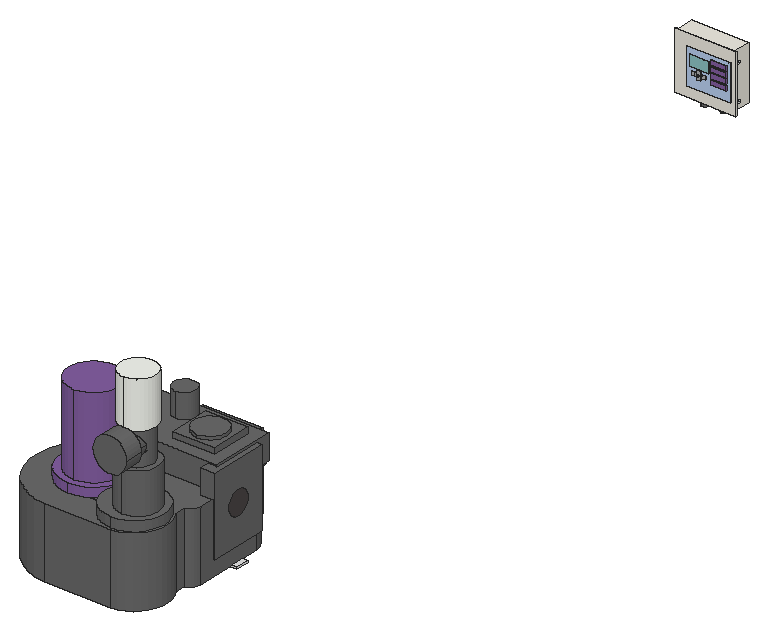
Revit family "28648-c", category Generic Models, Revit 2021
Family settings
  Can host rebar = No
  Round Connector Dimension = Use Diameter
  Part Type = Normal
  Work Plane-Based = No
  Always vertical = Yes
  Cut with Voids When Loaded = No
  Shared = Yes
  Room Calculation Point = No
Parameters (values of type "28648-C")
  SUPPLIER = "KESSEL"
  SA700ID50 = "intern"
  SA700ID49 = "Protection Class I"
  SA700ID48 = "no"
  SA700ID47 = "no"
  SA700ID46 = "yes"
  SA700ID37 = 7000 mm
  SA700ID34 = 38
  SA700ID33 = 1.6 W
  SA700ID32 = 47.46 kg
  SA700ID31 = 1
  SA700ID30 = 1
  SA700ID29 = "RWDR"
  SA700ID21 = 700
  SA700ID10 = "No"
  SA700ID08 = 230 V
  PROCUREWEBLINK = "https://p.caden.as/kessel/28648-C"
  PROCURELINK = "p.caden.as/kessel/28648-C"
  PROCUREDATALASTUPDATE = "2024-05-22T12:18:24.966052793+01:00"
  PRC_SPECIFICATIONLINK = "https://ausschreiben.de/catalog/kessel/catalogItem/4b152595-0e1a-4542-8f7b-6f5b526840ba"
  NN = "Lifting station Aqualift F"
  NBSYN = "$SA810ID03."
  NB = "28648-C"
  Model = "28648-C"
  Manufacturer = "KESSEL"
  MIdent = "{$CADENAS_DATA/23d-libs/kessel/kessel_vdi_import/4/entwaesserung/hebeanlage20aqualift20f.prj},202 {STYP=ASS},{VTYP=3D},{NB=28648-C},{LINA=28648-C},{NN=Lifting station Aqualift F},{DATE=21.11.2022 10:45:45},{GEOMDATE=21.11.2022 10:45:45},{VERSION=},{LINEID=300},{WBVAR=LODLEVEL},{WBNUMERIC=LODLEVEL}  {NB=28648-C},{LINA=28648-C},{KT=DUMMY},{PREVIEW=../../bilder/ksb_w_28648c.png},{SA700ID04=Hebeanlage Aqualift F, Mono, Comfort, SPF 1400-S3, Schieber},{SA810ID06=04026092058480},{SA700ID34=38.00},{SA010ID03=201805},{SA810ID03=28648-C},{SA810ID10=Die Hebeanlage für fäkalienhaltiges und fäkalienfreies Abwasser ist mit einer überflutbaren Pumpe sowie einem Rückflussverhinderer ausgestattet. Der Sammelbehälter aus dauerhaft beständigem Kunststoff (PE) bietet universale Anschlussmöglichkeiten und hat eine verschraubte Reinigungsöffnung.Die Steuerung erfolgt durch ein anwenderfreundliches Schaltgerät, das optional über einen potentialfreien Kontakt in die Gebäudeleittechnik eingebunden werden oder Alarm- und Sammelstörmeldungen über eine GSM-Schnittstelle (Comfort Schaltgerät) ausgeben kann.Ausführung:Absperreinrichtung: Schieber aus KunststoffAnlagenart: EinzelanlagePumpensteuerung: SchaltgerätRückflussverhinderer: integriertSchalldämmmatte: jaEinbausituation: freie AufstellungAbwasserart: fäkalienhaltigAllgemeine Merkmale:Farbe: schwarzNorm: EN 12050-1Abmessungen:Länge: 564 mmBreite: 525 mmHöhe: 664 mmBehälter/Grundkörper:Zulauf Anzahl: 1 STZulauf Nennweite (DN): 100 mmZulauf Nennweite (DA): 110 mmZulauf max. Anbohrung (DN): 150 mmAbstand Rohrsohle Zulauf zu Behälterboden: 125 mmAbstand Rohrmitte Auslauf zu Behälterboden: 466 mmAbstand Rohrmitte Zulauf zu Behälterboden: 180 mmAnschluss für Handmembranpumpe (DN): 32Behältervolumen: 50 lDruckabgang: waagerechtDruckabgang (DA): 110 mmDruckabgang (DN): 100 mmEntlüftungsanschluss (DN): 70 mmNutzvolumen: 20 lFreier Kugeldurchgang: 40 mmFördereinrichtung:Pumpe: SPF 1400Anzahl Pumpen: 1Förderhöhe max.: 7 mFörderleistung max.: 38 m3/hBetriebsart: S3 - 50 %Leistung P1: 1,6 kWLeistung P2: 1,1 kWDrehzahl: 1.370 U/minFörderguttemperatur (dauerhaft) max.: 40 °CAnschlusstyp: codierter SteckerGewicht: 25 kgLaufrad Typ: FreistromradLänge Netzanschlussleitung Pumpe: 5 mNennstrom: 7,3 ASchutzart Pumpe: IP 68 (3m/48h)Schutzklasse: ITyp Anschlussleitung Pumpe: H07RN-F 3G 1,0 mm2Temperaturüberwachung: integriertSteuerung:Schaltgerät: ComfortBetriebsspannung: 230 VNetzfrequenz: 50 HzSelbstdiagnosesystem (SDS): jaBatteriepufferung: jaMehrzeilige Displayanzeige: jaLogbuchfunktion: jaUSB-Schnittstelle: jaGSM-Schnittstelle: jaPotentialfreier Kontakt: optionalErforderliche Absicherung (Leitungsschutz): C 16 ASchutzart Schaltgerät: IP 54Länge Netzanschlussleitung Schaltgerät: 1,4 mArt Niveauerfassung: pneumatischInstrument Niveauerfassung: TauchrohrAlarmgeber: Tauchrohr},{SA700ID37=7.00},{SA700ID33=1.60},{SA700ID08=230},{SA700ID30=1},{SA700ID32=47.46},{SA700ID49=Schutzklasse I},{SA700ID50=intern},{SA200ID03=6},{SA250ID03=vertikal},{SA260ID03=Trockenläuferpumpe},{SA350ID03=normalansaugend},{SA400ID03=E-Motor für Wechselstrom},{SA460ID03=direkt},{SA500ID03=Kunststoff, Edelstahl},{SA700ID06=100},{SA700ID07=100},{SA700ID09=1/N/PE 230V},{SA700ID10=Nein},{SA700ID11=50},{SA700ID12=IP 68},{SA700ID13=F},{SA700ID15=40},{SA700ID21=700.00},{SA700ID22=1.10},{SA700ID23=1370},{SA700ID24=1370},{SA700ID26=7.30},{SA700ID27=23.00},{SA700ID28=durchgehend},{SA700ID29=RWDR},{SA700ID31=1},{SA700ID46=ja},{SA700ID47=nein},{SA700ID48=nein},{SA110ID04=Hebeanlage Aqualift F},{SA300ID03=einstufig},{SA700ID44=10.00},{SA700ID45=10.00},{SA010ID04=KESSEL AG},{LODLEVEL=200},{LINK=https://www.kessel.de/info?han=28648-C},{SA970ID01=970},{SA970ID02=7005},{SA970ID03=28648-C},{SA970ID04=11002617},{SA970ID05=QUAD},{SA970ID06=-285.5100098},{SA970ID07=-502},{SA970ID08=0},{SA970ID09=1},{SA970ID10=0},{SA970ID11=0},{SA970ID12=0},{SA970ID13=1},{SA970ID14=0},{SA970ID15=560},{SA970ID16=647},{SA970ID17=675},{LODLEVEL_=200,'Low'},{LODLEVEL_DEU=200,'Low'},{LINK_=https://www.kessel.de/info?han=28648-C},{LINK_DEU=https://www.kessel.de/info?han=28648-C},{LODLEVEL_3DB=28648-C_200},{DNIN1=100},{DNIN2=70},{DNIN3=10},{DNIN4=50},{DNIN5=MIN},{DNIN6=MIN},{DNIN7=MIN},{DNIN8=MIN},{DNIN9=MIN},{DNOUT1=100},{DNOUT2=70},{DNOUT3=32},{ISDIN1=75},{ISDIN2=10.000},{ISDIN3=10},{ISDOUT1=60.000},{ISDOUT2=79.500},{ISDOUT3=75},{SA010ID01=010},{SA010ID02=4},{SA010ID06=www.kessel.de},{SA010ID07=www.kessel.de},{SA010ID12=20180713},{SA010ID13=DEU},{SA010ID14=DE},{SA100ID01=100},{SA100ID02=4},{SA100ID04=Entwässerung},{SA110ID01=110},{SA110ID02=4},{SA200ID01=200},{SA200ID02=6},{SA250ID01=250},{SA250ID02=2},{SA260ID01=260},{SA260ID02=2},{SA300ID01=300},{SA300ID02=1},{SA350ID01=350},{SA350ID02=1},{SA400ID01=400},{SA400ID02=1},{SA460ID01=460},{SA460ID02=1},{SA500ID01=500},{SA500ID02=1},{SA700ID01=700},{SA700ID02=30},{SA700ID10_=0},{SA700ID16=0},{SA700ID25=0},{SA700ID46_=1},{SA700ID47_=0},{SA700ID48_=0},{SA700ID49_=1},{SA700ID50_=2},{SA800ID01=800},{SA800ID02=30},{SA810ID01=810},{SA810ID02=30},{SA810ID04=28648-C},{SA810ID07=30},{SA810ID09=1},{SA810ID14=PCE},{SA810ID15=1},{SA810ID16=NMP},{SA960ID03=30},{SA960ID04=3L},{SA960ID08=https://www.kessel.de/info?han=28648-C},{SA010ID08=4026092000007},{SA100ID05=Hebeanlage},{SA110ID06=Hebeanlage}"
  LINK = "https://www.kessel.de/info?han=28648-C"
  LINA = "28648-C"
  Default Elevation = 0 mm
  CREATOR = "CADENAS GmbH"
  CATALOG = "KESSEL"
  BOMINFO = "LINA"
  ARTICLENO = "NB"
  4.810.00.9 Order quantity (multiplicator) = "1"
  4.810.00.7 Media- connection number = "30"
  4.810.00.6 GTIN number = "04026092058480"
  4.810.00.4 DATANORM number = "28648-C"
  4.810.00.3 Producer order number = "28648-C"
  4.710.03.7 Mass (net) = 47.46 kg
  4.710.03.6 Height = 664 mm
  4.710.03.5 Width = 525 mm
  4.710.03.4 Length = 564 mm
  4.710.03.3 Type of dimensions = "2"
  4.710.02.8 Area of application of wastewater pump = "1"
  4.710.02.7 Art des S2/S3-Betriebs = "50 %"
  4.710.02.6 Duty type = "S3"
  4.710.02.5 Cutting device = "0"
  4.710.02.4 Attached pump control = "1"
  4.710.02.3 Free passage = 40 mm
  4.710.01.6 Option to connect to building automation = "40"
  4.710.01.5 Load regulation = "0"
  4.710.01.4 Designation of closed-loop control = "20"
  4.710.01.3 Identifier for closed-loop control = "50"
  4.700.00.9 Voltage = 0
  4.700.00.8 Nominal connection size on suction side = "100"
  4.700.00.7 Nominal connection size on pressure side = "100"
  4.700.00.6 Type of connection = "100"
  4.700.00.4 Product indentification = "Hebeanlage Aqualift F, Mono, Comfort, SPF 1400-S3, Schieber"
  4.700.00.28 Motor pump shaft = "durchgehend"
  4.700.00.27 Starting current = 23
  4.700.00.26 Maximum power consumption per pump / drive = 7.3
  4.700.00.25 Minimum speed at internal speed adjustment = 0
  4.700.00.24 Nominal speed / maximum speed n = 22.8333
  4.700.00.23 Nominal speed of motor = 22.8333
  4.700.00.22 Maximum shaft output (P2) per pump/drive = 1.1 W
  4.700.00.16 Maximum temperature of pumped medium = 0 °C
  4.700.00.15 Increased safety class = "40 °C"
  4.700.00.13 Type of protection = "F"
  4.700.00.12 Frequency = 0
  4.700.00.11 Stern-/Dreieck-Anlaufschaltung bei Dreiphasenanschluss oder Drehstrom = "50 Hz"
  4.700.00.10 Phase = "0"
  4.500.00.3 Variant / Variant type / Accessories-name = "Kunststoff, Edelstahl"
  4.460.00.3 Variant / Variant type / Accessories-name = "direkt"
  4.400.00.3 Variant / Variant type / Accessories-name = "E-Motor für Wechselstrom"
  4.350.00.3 Variant / Variant type / Accessories-name = "normalansaugend"
  4.300.00.3 Variant / Variant type / Accessories-name = "einstufig"
  4.260.00.3 Variant / Variant type / Accessories-name = "Trockenläuferpumpe"
  4.250.00.3 Variant / Variant type / Accessories-name = "vertikal"
  4.200.00.3 Variant / Variant type / Accessories-name = "6"
  4.110.00.6 Product classification = "Hebeanlage"
  4.110.00.4 Product indentification = "Hebeanlage Aqualift F"
  4.100.00.5 Main groups of wares = "Hebeanlage"
  4.100.00.4 Product indentification = "Entwässerung"
  4.010.00.8 Producer ID number = "4026092000007"
  4.010.00.7 Comment = "www.kessel.de"
  4.010.00.6 Web address of the manufacturer = "www.kessel.de"
  4.010.00.4 Manufacturer name = "KESSEL AG"
  4.010.00.3 Date of issuance (month) of guideline = "201805"
  4.010.00.2 Sheet number of the guideline = "4"
  4.010.00.14 Kennungen der Projektländer, für die die Datei gültig ist = "DE"
  4.010.00.13 Sprache der Datei = "DEU"
  4.010.00.12 Stand des Herstellerkatalogs = "20180713"
Reference planes
  plane 1 "Center (Front/Back)": y = 0
  plane 2: z = 0
  plane 3 "Center (Left/Right)": x = 0
Forms (mm)
  Extrusion 1, void
    sketch origin (259.8, -99.998, 186) x (0, -1, 0) y (0, 0, 1)
      loop
        line (-0.5, -0.5) -> (0.5, -0.5) -> (0.5, 0.5) -> (-0.5, 0.5) -> (-0.5, -0.5)
    from 0 to 1
Dimensions and locks
  locked: plane 2 to Extrusion 1 at 186.5
  locked: plane 2 to Extrusion 1 at 185.5
  aligned and locked: level to plane 2
Nested families
  nested 1: "28648-c_content" at (0, 0, 0), type "28648-C_Content"
  nested 2: "28648-c_part1_X0Y0" at (1000, 1000, 1200), type "28648-C_PART1_X0Y0"
  nested 3: "28648-c_part2_X0Y0" at (0, 0, 0), type "28648-C_PART2_X0Y0"
Connectors
  electrical at (936.5, 972.5, 1166.5)
    settings: on nested 2, index 1, voltage 0 V, apparent load 0 VA, apparent load phase1 0 VA, apparent load phase2 0 VA, apparent load phase3 0 VA, power factor 1, load classification "Other", number of poles 1, system type 31, power factor state 1, is connector primary yes, connector utility no, sub classification motor no, connector description ""
  piping at (105.4, 145, 181), diameter 100
    settings: on nested 3, index 2, connector inside diameter 609.6 mm, connector length 0 mm, flow factor 0, pipe flow 0.0 L/s, pressure drop 0.0 Pa, fitting loss kfactor 0, connector angle 0.00°, fixture units 0, engagement length 0 mm, angle of deflection 0.00°, flow configuration 0, flow direction 1, fitting loss method 2, system type 29, joint type 0, gender type 0, connector reference index -1, connector utility 0, adjustable connector no, is connector primary yes, connector description ""
  piping at (259.8, -99.998, 186), diameter 70
    settings: on Extrusion 1, index 3, connector inside diameter 609.6 mm, connector length 0 mm, flow factor 0, pipe flow 0.0 L/s, pressure drop 0.0 Pa, fitting loss kfactor 0, connector angle 0.00°, fixture units 0, engagement length 0 mm, angle of deflection 0.00°, flow configuration 0, flow direction 0, fitting loss method 2, system type 29, joint type 0, gender type 0, connector reference index -1, connector utility 0, adjustable connector no, is connector primary no, connector description ""
  piping at (150.4, -502, 467), diameter 100
    settings: on nested 3, index 4, connector inside diameter 609.6 mm, connector length 0 mm, flow factor 0, pipe flow 0.0 L/s, pressure drop 0.0 Pa, fitting loss kfactor 0, connector angle 0.00°, fixture units 0, engagement length 0 mm, angle of deflection 0.00°, flow configuration 0, flow direction 2, fitting loss method 2, system type 29, joint type 0, gender type 0, connector reference index -1, connector utility 0, adjustable connector no, is connector primary no, connector description ""
  piping at (0, 0, 401), diameter 70
    settings: on nested 3, index 5, connector inside diameter 609.6 mm, connector length 0 mm, flow factor 0, pipe flow 0.0 L/s, pressure drop 0.0 Pa, fitting loss kfactor 0, connector angle 0.00°, fixture units 0, engagement length 0 mm, angle of deflection 0.00°, flow configuration 0, flow direction 2, fitting loss method 2, system type 29, joint type 0, gender type 0, connector reference index -1, connector utility 0, adjustable connector no, is connector primary no, connector description ""
  piping at (105.4, 145, 81), diameter 32
    settings: on nested 3, index 6, connector inside diameter 609.6 mm, connector length 0 mm, flow factor 0, pipe flow 0.0 L/s, pressure drop 0.0 Pa, fitting loss kfactor 0, connector angle 0.00°, fixture units 0, engagement length 0 mm, angle of deflection 0.00°, flow configuration 0, flow direction 2, fitting loss method 2, system type 29, joint type 0, gender type 0, connector reference index -1, connector utility 0, adjustable connector no, is connector primary no, connector description ""
  electrical at (-65, -299.8, 537)
    settings: on nested 3, index 7, voltage 0 V, apparent load 0 VA, apparent load phase1 0 VA, apparent load phase2 0 VA, apparent load phase3 0 VA, power factor 1, load classification "Other", number of poles 1, system type 31, power factor state 1, is connector primary no, connector utility no, sub classification motor no, connector description ""
  electrical at (-165.999, -46, 376.6)
    settings: on nested 3, index 8, voltage 0 V, apparent load 0 VA, apparent load phase1 0 VA, apparent load phase2 0 VA, apparent load phase3 0 VA, power factor 1, load classification "Other", number of poles 1, system type 31, power factor state 1, is connector primary no, connector utility no, sub classification motor no, connector description ""
Definition of nested family "28648-c_part1_X0Y0"
  Parameters (values of type "28648-C_PART1_X0Y0")
    SUPPLIER = "KESSEL"
    SA700ID50 = "intern"
    SA700ID49 = "Protection Class I"
    SA700ID48 = "no"
    SA700ID47 = "no"
    SA700ID46 = "yes"
    SA700ID37 = 7000 mm
    SA700ID34 = 38
    SA700ID33 = 1.6 W
    SA700ID32 = 47.46 kg
    SA700ID31 = 1
    SA700ID30 = 1
    SA700ID29 = "RWDR"
    SA700ID21 = 700
    SA700ID10 = "No"
    SA700ID08 = 230 V
    NBSYN = "$SA810ID03._PART1"
    NB = "28648-C_PART1"
    Model = "28648-C_PART1"
    Manufacturer = "KESSEL"
    MIdent = "{$CADENAS_DATA/23d-libs/kessel/kessel_vdi_import/4/entwaesserung/hebeanlage20aqualift20f.prj},222 {VTYP=3D},{NB=28648-C_PART1},{LINA=28648-C_PART1},{NN=Lifting station Aqualift F_PART1},{NOPRJ=TRUE},{DATE=21.11.2022 10:45:45},{GEOMDATE=21.11.2022 10:45:45},{VERSION=},{LINEID=300},{WBVAR=LODLEVEL},{WBNUMERIC=LODLEVEL}  {NB=28648-C_PART1},{LINA=28648-C_PART1},{KT=DUMMY},{PREVIEW=../../bilder/ksb_w_28648c.png},{SA700ID04=Hebeanlage Aqualift F, Mono, Comfort, SPF 1400-S3, Schieber},{SA810ID06=04026092058480},{SA700ID34=38.00},{SA010ID03=201805},{SA810ID03=28648-C},{SA810ID10=Die Hebeanlage für fäkalienhaltiges und fäkalienfreies Abwasser ist mit einer überflutbaren Pumpe sowie einem Rückflussverhinderer ausgestattet. Der Sammelbehälter aus dauerhaft beständigem Kunststoff (PE) bietet universale Anschlussmöglichkeiten und hat eine verschraubte Reinigungsöffnung.Die Steuerung erfolgt durch ein anwenderfreundliches Schaltgerät, das optional über einen potentialfreien Kontakt in die Gebäudeleittechnik eingebunden werden oder Alarm- und Sammelstörmeldungen über eine GSM-Schnittstelle (Comfort Schaltgerät) ausgeben kann.Ausführung:Absperreinrichtung: Schieber aus KunststoffAnlagenart: EinzelanlagePumpensteuerung: SchaltgerätRückflussverhinderer: integriertSchalldämmmatte: jaEinbausituation: freie AufstellungAbwasserart: fäkalienhaltigAllgemeine Merkmale:Farbe: schwarzNorm: EN 12050-1Abmessungen:Länge: 564 mmBreite: 525 mmHöhe: 664 mmBehälter/Grundkörper:Zulauf Anzahl: 1 STZulauf Nennweite (DN): 100 mmZulauf Nennweite (DA): 110 mmZulauf max. Anbohrung (DN): 150 mmAbstand Rohrsohle Zulauf zu Behälterboden: 125 mmAbstand Rohrmitte Auslauf zu Behälterboden: 466 mmAbstand Rohrmitte Zulauf zu Behälterboden: 180 mmAnschluss für Handmembranpumpe (DN): 32Behältervolumen: 50 lDruckabgang: waagerechtDruckabgang (DA): 110 mmDruckabgang (DN): 100 mmEntlüftungsanschluss (DN): 70 mmNutzvolumen: 20 lFreier Kugeldurchgang: 40 mmFördereinrichtung:Pumpe: SPF 1400Anzahl Pumpen: 1Förderhöhe max.: 7 mFörderleistung max.: 38 m3/hBetriebsart: S3 - 50 %Leistung P1: 1,6 kWLeistung P2: 1,1 kWDrehzahl: 1.370 U/minFörderguttemperatur (dauerhaft) max.: 40 °CAnschlusstyp: codierter SteckerGewicht: 25 kgLaufrad Typ: FreistromradLänge Netzanschlussleitung Pumpe: 5 mNennstrom: 7,3 ASchutzart Pumpe: IP 68 (3m/48h)Schutzklasse: ITyp Anschlussleitung Pumpe: H07RN-F 3G 1,0 mm2Temperaturüberwachung: integriertSteuerung:Schaltgerät: ComfortBetriebsspannung: 230 VNetzfrequenz: 50 HzSelbstdiagnosesystem (SDS): jaBatteriepufferung: jaMehrzeilige Displayanzeige: jaLogbuchfunktion: jaUSB-Schnittstelle: jaGSM-Schnittstelle: jaPotentialfreier Kontakt: optionalErforderliche Absicherung (Leitungsschutz): C 16 ASchutzart Schaltgerät: IP 54Länge Netzanschlussleitung Schaltgerät: 1,4 mArt Niveauerfassung: pneumatischInstrument Niveauerfassung: TauchrohrAlarmgeber: Tauchrohr},{SA700ID37=7.00},{SA700ID33=1.60},{SA700ID08=230},{SA700ID30=1},{SA700ID32=47.46},{SA700ID49=Schutzklasse I},{SA700ID50=intern},{SA200ID03=6},{SA250ID03=vertikal},{SA260ID03=Trockenläuferpumpe},{SA350ID03=normalansaugend},{SA400ID03=E-Motor für Wechselstrom},{SA460ID03=direkt},{SA500ID03=Kunststoff, Edelstahl},{SA700ID06=100},{SA700ID07=100},{SA700ID09=1/N/PE 230V},{SA700ID10=Nein},{SA700ID11=50},{SA700ID12=IP 68},{SA700ID13=F},{SA700ID15=40},{SA700ID21=700.00},{SA700ID22=1.10},{SA700ID23=1370},{SA700ID24=1370},{SA700ID26=7.30},{SA700ID27=23.00},{SA700ID28=durchgehend},{SA700ID29=RWDR},{SA700ID31=1},{SA700ID46=ja},{SA700ID47=nein},{SA700ID48=nein},{SA110ID04=Hebeanlage Aqualift F},{SA300ID03=einstufig},{SA700ID44=10.00},{SA700ID45=10.00},{SA010ID04=KESSEL AG},{LODLEVEL=200},{LINK=https://www.kessel.de/info?han=28648-C},{SA970ID01=970},{SA970ID02=7005},{SA970ID03=28648-C},{SA970ID04=11002617},{SA970ID05=QUAD},{SA970ID06=-285.5100098},{SA970ID07=-502},{SA970ID08=0},{SA970ID09=1},{SA970ID10=0},{SA970ID11=0},{SA970ID12=0},{SA970ID13=1},{SA970ID14=0},{SA970ID15=560},{SA970ID16=647},{SA970ID17=675},{LODLEVEL_=200,'Low'},{LODLEVEL_DEU=200,'Low'},{LINK_=https://www.kessel.de/info?han=28648-C},{LINK_DEU=https://www.kessel.de/info?han=28648-C},{LODLEVEL_3DB=28648-C_200},{DNIN1=100},{DNIN2=70},{DNIN3=10},{DNIN4=50},{DNIN5=MIN},{DNIN6=MIN},{DNIN7=MIN},{DNIN8=MIN},{DNIN9=MIN},{DNOUT1=100},{DNOUT2=70},{DNOUT3=32},{ISDIN1=75},{ISDIN2=10.000},{ISDIN3=10},{ISDOUT1=60.000},{ISDOUT2=79.500},{ISDOUT3=75},{SA010ID01=010},{SA010ID02=4},{SA010ID06=www.kessel.de},{SA010ID07=www.kessel.de},{SA010ID12=20180713},{SA010ID13=DEU},{SA010ID14=DE},{SA100ID01=100},{SA100ID02=4},{SA100ID04=Entwässerung},{SA110ID01=110},{SA110ID02=4},{SA200ID01=200},{SA200ID02=6},{SA250ID01=250},{SA250ID02=2},{SA260ID01=260},{SA260ID02=2},{SA300ID01=300},{SA300ID02=1},{SA350ID01=350},{SA350ID02=1},{SA400ID01=400},{SA400ID02=1},{SA460ID01=460},{SA460ID02=1},{SA500ID01=500},{SA500ID02=1},{SA700ID01=700},{SA700ID02=30},{SA700ID10_=0},{SA700ID16=0},{SA700ID25=0},{SA700ID46_=1},{SA700ID47_=0},{SA700ID48_=0},{SA700ID49_=1},{SA700ID50_=2},{SA800ID01=800},{SA800ID02=30},{SA810ID01=810},{SA810ID02=30},{SA810ID04=28648-C},{SA810ID07=30},{SA810ID09=1},{SA810ID14=PCE},{SA810ID15=1},{SA810ID16=NMP},{SA960ID03=30},{SA960ID04=3L},{SA960ID08=https://www.kessel.de/info?han=28648-C},{SA010ID08=4026092000007},{SA100ID05=Hebeanlage},{SA110ID06=Hebeanlage}"
    LINK = "https://www.kessel.de/info?han=28648-C"
    LINA = "28648-C_PART1"
    Default Elevation = 1219.2 mm
    CREATOR = "CADENAS GmbH"
    CATALOG = "KESSEL"
    BOMINFO = "LINA"
    ARTICLENO = "NB"
    4.810.00.9 Order quantity (multiplicator) = "1"
    4.810.00.7 Media- connection number = "30"
    4.810.00.6 GTIN number = "04026092058480"
    4.810.00.4 DATANORM number = "28648-C"
    4.810.00.3 Producer order number = "28648-C"
    4.710.03.7 Mass (net) = 47.46 kg
    4.710.03.6 Height = 664 mm
    4.710.03.5 Width = 525 mm
    4.710.03.4 Length = 564 mm
    4.710.03.3 Type of dimensions = "2"
    4.710.02.8 Area of application of wastewater pump = "1"
    4.710.02.7 Art des S2/S3-Betriebs = "50 %"
    4.710.02.6 Duty type = "S3"
    4.710.02.5 Cutting device = "0"
    4.710.02.4 Attached pump control = "1"
    4.710.02.3 Free passage = 40 mm
    4.710.01.6 Option to connect to building automation = "40"
    4.710.01.5 Load regulation = "0"
    4.710.01.4 Designation of closed-loop control = "20"
    4.710.01.3 Identifier for closed-loop control = "50"
    4.700.00.9 Voltage = 0
    4.700.00.8 Nominal connection size on suction side = "100"
    4.700.00.7 Nominal connection size on pressure side = "100"
    4.700.00.6 Type of connection = "100"
    4.700.00.4 Product indentification = "Hebeanlage Aqualift F, Mono, Comfort, SPF 1400-S3, Schieber"
    4.700.00.28 Motor pump shaft = "durchgehend"
    4.700.00.27 Starting current = 23
    4.700.00.26 Maximum power consumption per pump / drive = 7.3
    4.700.00.25 Minimum speed at internal speed adjustment = 0
    4.700.00.24 Nominal speed / maximum speed n = 22.8333
    4.700.00.23 Nominal speed of motor = 22.8333
    4.700.00.22 Maximum shaft output (P2) per pump/drive = 1.1 W
    4.700.00.16 Maximum temperature of pumped medium = 0 °C
    4.700.00.15 Increased safety class = "40 °C"
    4.700.00.13 Type of protection = "F"
    4.700.00.12 Frequency = 0
    4.700.00.11 Stern-/Dreieck-Anlaufschaltung bei Dreiphasenanschluss oder Drehstrom = "50 Hz"
    4.700.00.10 Phase = "0"
    4.500.00.3 Variant / Variant type / Accessories-name = "Kunststoff, Edelstahl"
    4.460.00.3 Variant / Variant type / Accessories-name = "direkt"
    4.400.00.3 Variant / Variant type / Accessories-name = "E-Motor für Wechselstrom"
    4.350.00.3 Variant / Variant type / Accessories-name = "normalansaugend"
    4.300.00.3 Variant / Variant type / Accessories-name = "einstufig"
    4.260.00.3 Variant / Variant type / Accessories-name = "Trockenläuferpumpe"
    4.250.00.3 Variant / Variant type / Accessories-name = "vertikal"
    4.200.00.3 Variant / Variant type / Accessories-name = "6"
    4.110.00.6 Product classification = "Hebeanlage"
    4.110.00.4 Product indentification = "Hebeanlage Aqualift F"
    4.100.00.5 Main groups of wares = "Hebeanlage"
    4.100.00.4 Product indentification = "Entwässerung"
    4.010.00.8 Producer ID number = "4026092000007"
    4.010.00.7 Comment = "www.kessel.de"
    4.010.00.6 Web address of the manufacturer = "www.kessel.de"
    4.010.00.4 Manufacturer name = "KESSEL AG"
    4.010.00.3 Date of issuance (month) of guideline = "201805"
    4.010.00.2 Sheet number of the guideline = "4"
    4.010.00.14 Kennungen der Projektländer, für die die Datei gültig ist = "DE"
    4.010.00.13 Sprache der Datei = "DEU"
    4.010.00.12 Stand des Herstellerkatalogs = "20180713"
  Reference planes
    plane 1 "Center (Front/Back)": y = 0
    plane 2: z = 0
    plane 3 "Center (Left/Right)": x = 0
  Dimensions and locks
    aligned and locked: level to plane 2
  Nested families
    nested 1: "28648-c_part1_content" at (0, 0, 0), type "28648-C_PART1_Content"
  Definition of nested family "28648-c_part1_content"
    Parameters (values of type "28648-C_PART1_Content")
      SUPPLIER = "KESSEL"
      SA700ID50 = "intern"
      SA700ID49 = "Protection Class I"
      SA700ID48 = "no"
      SA700ID47 = "no"
      SA700ID46 = "yes"
      SA700ID37 = 7000 mm
      SA700ID34 = 38
      SA700ID33 = 1.6 W
      SA700ID32 = 47.46 kg
      SA700ID31 = 1
      SA700ID30 = 1
      SA700ID29 = "RWDR"
      SA700ID21 = 700
      SA700ID10 = "No"
      SA700ID08 = 230 V
      NBSYN = "$SA810ID03._PART1"
      NB = "28648-C_PART1"
      Model = "28648-C_PART1"
      Manufacturer = "KESSEL"
      LINK = "https://www.kessel.de/info?han=28648-C"
      LINA = "28648-C_PART1"
      Default Elevation = 1219.2 mm
      CREATOR = "CADENAS GmbH"
      CATALOG = "KESSEL"
      BOMINFO = "LINA"
      ARTICLENO = "NB"
      4.810.00.9 Order quantity (multiplicator) = "1"
      4.810.00.7 Media- connection number = "30"
      4.810.00.6 GTIN number = "04026092058480"
      4.810.00.4 DATANORM number = "28648-C"
      4.810.00.3 Producer order number = "28648-C"
      4.710.03.7 Mass (net) = 47.46 kg
      4.710.03.6 Height = 664 mm
      4.710.03.5 Width = 525 mm
      4.710.03.4 Length = 564 mm
      4.710.03.3 Type of dimensions = "2"
      4.710.02.8 Area of application of wastewater pump = "1"
      4.710.02.7 Art des S2/S3-Betriebs = "50 %"
      4.710.02.6 Duty type = "S3"
      4.710.02.5 Cutting device = "0"
      4.710.02.4 Attached pump control = "1"
      4.710.02.3 Free passage = 40 mm
      4.710.01.6 Option to connect to building automation = "40"
      4.710.01.5 Load regulation = "0"
      4.710.01.4 Designation of closed-loop control = "20"
      4.710.01.3 Identifier for closed-loop control = "50"
      4.700.00.9 Voltage = 0
      4.700.00.8 Nominal connection size on suction side = "100"
      4.700.00.7 Nominal connection size on pressure side = "100"
      4.700.00.6 Type of connection = "100"
      4.700.00.4 Product indentification = "Hebeanlage Aqualift F, Mono, Comfort, SPF 1400-S3, Schieber"
      4.700.00.28 Motor pump shaft = "durchgehend"
      4.700.00.27 Starting current = 23
      4.700.00.26 Maximum power consumption per pump / drive = 7.3
      4.700.00.25 Minimum speed at internal speed adjustment = 0
      4.700.00.24 Nominal speed / maximum speed n = 22.8333
      4.700.00.23 Nominal speed of motor = 22.8333
      4.700.00.22 Maximum shaft output (P2) per pump/drive = 1.1 W
      4.700.00.16 Maximum temperature of pumped medium = 0 °C
      4.700.00.15 Increased safety class = "40 °C"
      4.700.00.13 Type of protection = "F"
      4.700.00.12 Frequency = 0
      4.700.00.11 Stern-/Dreieck-Anlaufschaltung bei Dreiphasenanschluss oder Drehstrom = "50 Hz"
      4.700.00.10 Phase = "0"
      4.500.00.3 Variant / Variant type / Accessories-name = "Kunststoff, Edelstahl"
      4.460.00.3 Variant / Variant type / Accessories-name = "direkt"
      4.400.00.3 Variant / Variant type / Accessories-name = "E-Motor für Wechselstrom"
      4.350.00.3 Variant / Variant type / Accessories-name = "normalansaugend"
      4.300.00.3 Variant / Variant type / Accessories-name = "einstufig"
      4.260.00.3 Variant / Variant type / Accessories-name = "Trockenläuferpumpe"
      4.250.00.3 Variant / Variant type / Accessories-name = "vertikal"
      4.200.00.3 Variant / Variant type / Accessories-name = "6"
      4.110.00.6 Product classification = "Hebeanlage"
      4.110.00.4 Product indentification = "Hebeanlage Aqualift F"
      4.100.00.5 Main groups of wares = "Hebeanlage"
      4.100.00.4 Product indentification = "Entwässerung"
      4.010.00.8 Producer ID number = "4026092000007"
      4.010.00.7 Comment = "www.kessel.de"
      4.010.00.6 Web address of the manufacturer = "www.kessel.de"
      4.010.00.4 Manufacturer name = "KESSEL AG"
      4.010.00.3 Date of issuance (month) of guideline = "201805"
      4.010.00.2 Sheet number of the guideline = "4"
      4.010.00.14 Kennungen der Projektländer, für die die Datei gültig ist = "DE"
      4.010.00.13 Sprache der Datei = "DEU"
      4.010.00.12 Stand des Herstellerkatalogs = "20180713"
    Reference planes
      plane 1 "Center (Front/Back)": y = 0
      plane 2: z = 0
      plane 3 "Center (Left/Right)": x = 0
    Forms (mm)
      Extrusion 1, solid, detail levels medium+fine
        sketch origin (94.5, 0, 0) x (0, -1, 0) y (0, 0, 1)
          loop
            line (0, 181) -> (0, 0) -> (66, 0) -> (66, 181) -> (0, 181)
        from 0 to 189
      Extrusion 2, solid, detail levels medium+fine
        sketch origin (108.5, -66, -7) x (0, -1, 0) y (0, 0, 1)
          loop
            line (0, 194) -> (0, 0) -> (2, 0) -> (2, 194) -> (0, 194)
        from 0 to 208
      Extrusion 3, solid, detail levels medium+fine
        sketch origin (90, -68, 26.5) x (0, -1, 0) y (0, 0, 1)
          loop
            line (-1.2, 120) -> (-1.2, 0) -> (0.25, 0) -> (0.25, 120) -> (-1.2, 120)
        from 0 to 146
      Extrusion 4, solid, detail levels medium+fine
        sketch origin (5.5, -68.25, 66) x (0, -1, 0) y (0, 0, 1)
          loop
            line (-1, 12) -> (-1, 0) -> (0.5, 0) -> (0.5, 12) -> (-1, 12)
        from 0 to 12
      Extrusion 5, solid, detail levels medium+fine
        sketch origin (76.25, -68.25, 79) x (0, -1, 0) y (0, 0, 1)
          loop
            line (0, 16) -> (0, 0) -> (1.75, 0) -> (1.75, 16) -> (0, 16)
        from 0 to 51
      Extrusion 6, solid, detail levels medium+fine
        sketch origin (-11.75, -68.25, 74) x (0, -1, 0) y (0, 0, 1)
          loop
            line (-1, 12) -> (-1, 0) -> (0.5, 0) -> (0.5, 12) -> (-1, 12)
        from 0 to 12
      Extrusion 7, solid, detail levels medium+fine
        sketch origin (76.25, -68.25, 59) x (0, -1, 0) y (0, 0, 1)
          loop
            line (0, 16) -> (0, 0) -> (1.75, 0) -> (1.75, 16) -> (0, 16)
        from 0 to 51
      Extrusion 8, solid, detail levels medium+fine
        sketch origin (17.4, -68.25, 89.5) x (0, -1, 0) y (0, 0, 1)
          loop
            line (-1, 37) -> (-1, 0) -> (0.5, 0) -> (0.5, 37) -> (-1, 37)
        from 0 to 66
      Extrusion 9, solid, detail levels medium+fine
        sketch origin (76.25, -68.25, 99) x (0, -1, 0) y (0, 0, 1)
          loop
            line (0, 16) -> (0, 0) -> (1.75, 0) -> (1.75, 16) -> (0, 16)
        from 0 to 51
      Extrusion 10, solid, detail levels medium+fine
        sketch origin (-11.75, -68.25, 57.5) x (0, -1, 0) y (0, 0, 1)
          loop
            line (-1, 12) -> (-1, 0) -> (0.5, 0) -> (0.5, 12) -> (-1, 12)
        from 0 to 12
      Extrusion 11, solid, detail levels medium+fine
        sketch origin (76.25, -68.25, 119) x (0, -1, 0) y (0, 0, 1)
          loop
            line (0, 16) -> (0, 0) -> (1.75, 0) -> (1.75, 16) -> (0, 16)
        from 0 to 51
      Extrusion 12, solid, detail levels medium+fine
        sketch origin (-29, -68.25, 66) x (0, -1, 0) y (0, 0, 1)
          loop
            line (-1, 12) -> (-1, 0) -> (0.5, 0) -> (0.5, 12) -> (-1, 12)
        from 0 to 12
      Extrusion 13, solid, detail levels medium+fine
        sketch origin (5, -27.5, 0) x (1, 0, 0) y (0, -1, 0)
          loop
            circle (0, 0) r 11
        from 0 to 17.3
      Extrusion 14, solid, detail levels medium+fine
        sketch origin (5, -27.5, -17.2) x (1, 0, 0) y (0, -1, 0)
          loop
            circle (0, 0) r 8.65
        from 0 to 9.8
      Extrusion 15, solid, detail levels medium+fine
        sketch origin (-29, -27.5, 0) x (1, 0, 0) y (0, -1, 0)
          loop
            circle (0, 0) r 11.4
        from 0 to 9
      Extrusion 16, solid, detail levels medium+fine
        sketch origin (-29, -27.5, -9) x (1, 0, 0) y (0, -1, 0)
          loop
            circle (0, 0) r 11.75
        from 0 to 28
      Extrusion 17, solid, detail levels medium+fine
        sketch origin (33, -27.5, 0) x (1, 0, 0) y (0, -1, 0)
          loop
            circle (0, 0) r 11
        from 0 to 11
      Extrusion 18, solid, detail levels medium+fine
        sketch origin (33, -27.5, -11) x (1, 0, 0) y (0, -1, 0)
          loop
            circle (0, 0) r 11
        from 0 to 19.8
      Extrusion 19, solid, detail levels medium+fine
        sketch origin (33, -27.5, -30.7) x (1, 0, 0) y (0, -1, 0)
          loop
            circle (0, 0) r 6
        from 0 to 8
      Extrusion 20, solid, detail levels medium+fine
        sketch origin (57.5, -27.5, 0) x (1, 0, 0) y (0, -1, 0)
          loop
            circle (0, 0) r 10
        from 0 to 1.5
      Extrusion 21, solid, detail levels medium+fine
        sketch origin (106.5, -50, 145) x (0, -1, 0) y (0, 0, 1)
          loop
            line (0, 4) -> (0, 0) -> (16, 0) -> (16, 4) -> (0, 4)
        from 0 to 12
      Extrusion 22, solid, detail levels medium+fine
        sketch origin (106.5, -50, 149) x (0, -1, 0) y (0, 0, 1)
          loop
            line (0, 4) -> (0, 0) -> (12, 0) -> (12, 4) -> (0, 4)
        from 0 to 16
      Extrusion 23, solid, detail levels medium+fine
        sketch origin (106.5, -50, 26) x (0, -1, 0) y (0, 0, 1)
          loop
            line (0, 4) -> (0, 0) -> (16, 0) -> (16, 4) -> (0, 4)
        from 0 to 12
      Extrusion 24, solid, detail levels medium+fine
        sketch origin (106.5, -50, 30) x (0, -1, 0) y (0, 0, 1)
          loop
            line (0, 4) -> (0, 0) -> (12, 0) -> (12, 4) -> (0, 4)
        from 0 to 16
      Extrusion 25, solid, detail levels medium+fine
        sketch origin (-63.5, -27.5, 0) x (1, 0, 0) y (0, -1, 0)
          loop
            circle (0, 0) r 11
        from 0 to 23.5
      Extrusion 26, solid, detail levels medium+fine
        sketch origin (-63.5, -27.5, -23.5) x (1, 0, 0) y (0, -1, 0)
          loop
            circle (0, 0) r 3
        from 0 to 10
      Extrusion 27, solid, detail levels medium+fine
        sketch origin (79.5, -27.5, 0) x (1, 0, 0) y (0, -1, 0)
          loop
            circle (0, 0) r 10
        from 0 to 1.5
      Extrusion 28, solid, detail levels coarse
        sketch origin (4.5, -35, -38.7) x (1, 0, 0) y (0, 1, 0)
          loop
            line (-104, -35) -> (104, -35) -> (104, 35) -> (-104, 35) -> (-104, -35)
        from 0 to 225.7
    Dimensions and locks
      aligned and locked: level to plane 2
Definition of nested family "28648-c_part2_X0Y0"
  Parameters (values of type "28648-C_PART2_X0Y0")
    SUPPLIER = "KESSEL"
    SA700ID50 = "intern"
    SA700ID49 = "Protection Class I"
    SA700ID48 = "no"
    SA700ID47 = "no"
    SA700ID46 = "yes"
    SA700ID37 = 7000 mm
    SA700ID34 = 38
    SA700ID33 = 1.6 W
    SA700ID32 = 47.46 kg
    SA700ID31 = 1
    SA700ID30 = 1
    SA700ID29 = "RWDR"
    SA700ID21 = 700
    SA700ID10 = "No"
    SA700ID08 = 230 V
    NBSYN = "$SA810ID03._PART2"
    NB = "28648-C_PART2"
    Model = "28648-C_PART2"
    Manufacturer = "KESSEL"
    MIdent = "{$CADENAS_DATA/23d-libs/kessel/kessel_vdi_import/4/entwaesserung/hebeanlage20aqualift20f.prj},222 {VTYP=3D},{NB=28648-C_PART2},{LINA=28648-C_PART2},{NN=Lifting station Aqualift F_PART2},{NOPRJ=TRUE},{DATE=21.11.2022 10:45:45},{GEOMDATE=21.11.2022 10:45:45},{VERSION=},{LINEID=300},{WBVAR=LODLEVEL},{WBNUMERIC=LODLEVEL}  {NB=28648-C_PART2},{LINA=28648-C_PART2},{KT=DUMMY},{PREVIEW=../../bilder/ksb_w_28648c.png},{SA700ID04=Hebeanlage Aqualift F, Mono, Comfort, SPF 1400-S3, Schieber},{SA810ID06=04026092058480},{SA700ID34=38.00},{SA010ID03=201805},{SA810ID03=28648-C},{SA810ID10=Die Hebeanlage für fäkalienhaltiges und fäkalienfreies Abwasser ist mit einer überflutbaren Pumpe sowie einem Rückflussverhinderer ausgestattet. Der Sammelbehälter aus dauerhaft beständigem Kunststoff (PE) bietet universale Anschlussmöglichkeiten und hat eine verschraubte Reinigungsöffnung.Die Steuerung erfolgt durch ein anwenderfreundliches Schaltgerät, das optional über einen potentialfreien Kontakt in die Gebäudeleittechnik eingebunden werden oder Alarm- und Sammelstörmeldungen über eine GSM-Schnittstelle (Comfort Schaltgerät) ausgeben kann.Ausführung:Absperreinrichtung: Schieber aus KunststoffAnlagenart: EinzelanlagePumpensteuerung: SchaltgerätRückflussverhinderer: integriertSchalldämmmatte: jaEinbausituation: freie AufstellungAbwasserart: fäkalienhaltigAllgemeine Merkmale:Farbe: schwarzNorm: EN 12050-1Abmessungen:Länge: 564 mmBreite: 525 mmHöhe: 664 mmBehälter/Grundkörper:Zulauf Anzahl: 1 STZulauf Nennweite (DN): 100 mmZulauf Nennweite (DA): 110 mmZulauf max. Anbohrung (DN): 150 mmAbstand Rohrsohle Zulauf zu Behälterboden: 125 mmAbstand Rohrmitte Auslauf zu Behälterboden: 466 mmAbstand Rohrmitte Zulauf zu Behälterboden: 180 mmAnschluss für Handmembranpumpe (DN): 32Behältervolumen: 50 lDruckabgang: waagerechtDruckabgang (DA): 110 mmDruckabgang (DN): 100 mmEntlüftungsanschluss (DN): 70 mmNutzvolumen: 20 lFreier Kugeldurchgang: 40 mmFördereinrichtung:Pumpe: SPF 1400Anzahl Pumpen: 1Förderhöhe max.: 7 mFörderleistung max.: 38 m3/hBetriebsart: S3 - 50 %Leistung P1: 1,6 kWLeistung P2: 1,1 kWDrehzahl: 1.370 U/minFörderguttemperatur (dauerhaft) max.: 40 °CAnschlusstyp: codierter SteckerGewicht: 25 kgLaufrad Typ: FreistromradLänge Netzanschlussleitung Pumpe: 5 mNennstrom: 7,3 ASchutzart Pumpe: IP 68 (3m/48h)Schutzklasse: ITyp Anschlussleitung Pumpe: H07RN-F 3G 1,0 mm2Temperaturüberwachung: integriertSteuerung:Schaltgerät: ComfortBetriebsspannung: 230 VNetzfrequenz: 50 HzSelbstdiagnosesystem (SDS): jaBatteriepufferung: jaMehrzeilige Displayanzeige: jaLogbuchfunktion: jaUSB-Schnittstelle: jaGSM-Schnittstelle: jaPotentialfreier Kontakt: optionalErforderliche Absicherung (Leitungsschutz): C 16 ASchutzart Schaltgerät: IP 54Länge Netzanschlussleitung Schaltgerät: 1,4 mArt Niveauerfassung: pneumatischInstrument Niveauerfassung: TauchrohrAlarmgeber: Tauchrohr},{SA700ID37=7.00},{SA700ID33=1.60},{SA700ID08=230},{SA700ID30=1},{SA700ID32=47.46},{SA700ID49=Schutzklasse I},{SA700ID50=intern},{SA200ID03=6},{SA250ID03=vertikal},{SA260ID03=Trockenläuferpumpe},{SA350ID03=normalansaugend},{SA400ID03=E-Motor für Wechselstrom},{SA460ID03=direkt},{SA500ID03=Kunststoff, Edelstahl},{SA700ID06=100},{SA700ID07=100},{SA700ID09=1/N/PE 230V},{SA700ID10=Nein},{SA700ID11=50},{SA700ID12=IP 68},{SA700ID13=F},{SA700ID15=40},{SA700ID21=700.00},{SA700ID22=1.10},{SA700ID23=1370},{SA700ID24=1370},{SA700ID26=7.30},{SA700ID27=23.00},{SA700ID28=durchgehend},{SA700ID29=RWDR},{SA700ID31=1},{SA700ID46=ja},{SA700ID47=nein},{SA700ID48=nein},{SA110ID04=Hebeanlage Aqualift F},{SA300ID03=einstufig},{SA700ID44=10.00},{SA700ID45=10.00},{SA010ID04=KESSEL AG},{LODLEVEL=200},{LINK=https://www.kessel.de/info?han=28648-C},{SA970ID01=970},{SA970ID02=7005},{SA970ID03=28648-C},{SA970ID04=11002617},{SA970ID05=QUAD},{SA970ID06=-285.5100098},{SA970ID07=-502},{SA970ID08=0},{SA970ID09=1},{SA970ID10=0},{SA970ID11=0},{SA970ID12=0},{SA970ID13=1},{SA970ID14=0},{SA970ID15=560},{SA970ID16=647},{SA970ID17=675},{LODLEVEL_=200,'Low'},{LODLEVEL_DEU=200,'Low'},{LINK_=https://www.kessel.de/info?han=28648-C},{LINK_DEU=https://www.kessel.de/info?han=28648-C},{LODLEVEL_3DB=28648-C_200},{DNIN1=100},{DNIN2=70},{DNIN3=10},{DNIN4=50},{DNIN5=MIN},{DNIN6=MIN},{DNIN7=MIN},{DNIN8=MIN},{DNIN9=MIN},{DNOUT1=100},{DNOUT2=70},{DNOUT3=32},{ISDIN1=75},{ISDIN2=10.000},{ISDIN3=10},{ISDOUT1=60.000},{ISDOUT2=79.500},{ISDOUT3=75},{SA010ID01=010},{SA010ID02=4},{SA010ID06=www.kessel.de},{SA010ID07=www.kessel.de},{SA010ID12=20180713},{SA010ID13=DEU},{SA010ID14=DE},{SA100ID01=100},{SA100ID02=4},{SA100ID04=Entwässerung},{SA110ID01=110},{SA110ID02=4},{SA200ID01=200},{SA200ID02=6},{SA250ID01=250},{SA250ID02=2},{SA260ID01=260},{SA260ID02=2},{SA300ID01=300},{SA300ID02=1},{SA350ID01=350},{SA350ID02=1},{SA400ID01=400},{SA400ID02=1},{SA460ID01=460},{SA460ID02=1},{SA500ID01=500},{SA500ID02=1},{SA700ID01=700},{SA700ID02=30},{SA700ID10_=0},{SA700ID16=0},{SA700ID25=0},{SA700ID46_=1},{SA700ID47_=0},{SA700ID48_=0},{SA700ID49_=1},{SA700ID50_=2},{SA800ID01=800},{SA800ID02=30},{SA810ID01=810},{SA810ID02=30},{SA810ID04=28648-C},{SA810ID07=30},{SA810ID09=1},{SA810ID14=PCE},{SA810ID15=1},{SA810ID16=NMP},{SA960ID03=30},{SA960ID04=3L},{SA960ID08=https://www.kessel.de/info?han=28648-C},{SA010ID08=4026092000007},{SA100ID05=Hebeanlage},{SA110ID06=Hebeanlage}"
    LINK = "https://www.kessel.de/info?han=28648-C"
    LINA = "28648-C_PART2"
    Default Elevation = 1219.2 mm
    CREATOR = "CADENAS GmbH"
    CATALOG = "KESSEL"
    BOMINFO = "LINA"
    ARTICLENO = "NB"
    4.810.00.9 Order quantity (multiplicator) = "1"
    4.810.00.7 Media- connection number = "30"
    4.810.00.6 GTIN number = "04026092058480"
    4.810.00.4 DATANORM number = "28648-C"
    4.810.00.3 Producer order number = "28648-C"
    4.710.03.7 Mass (net) = 47.46 kg
    4.710.03.6 Height = 664 mm
    4.710.03.5 Width = 525 mm
    4.710.03.4 Length = 564 mm
    4.710.03.3 Type of dimensions = "2"
    4.710.02.8 Area of application of wastewater pump = "1"
    4.710.02.7 Art des S2/S3-Betriebs = "50 %"
    4.710.02.6 Duty type = "S3"
    4.710.02.5 Cutting device = "0"
    4.710.02.4 Attached pump control = "1"
    4.710.02.3 Free passage = 40 mm
    4.710.01.6 Option to connect to building automation = "40"
    4.710.01.5 Load regulation = "0"
    4.710.01.4 Designation of closed-loop control = "20"
    4.710.01.3 Identifier for closed-loop control = "50"
    4.700.00.9 Voltage = 0
    4.700.00.8 Nominal connection size on suction side = "100"
    4.700.00.7 Nominal connection size on pressure side = "100"
    4.700.00.6 Type of connection = "100"
    4.700.00.4 Product indentification = "Hebeanlage Aqualift F, Mono, Comfort, SPF 1400-S3, Schieber"
    4.700.00.28 Motor pump shaft = "durchgehend"
    4.700.00.27 Starting current = 23
    4.700.00.26 Maximum power consumption per pump / drive = 7.3
    4.700.00.25 Minimum speed at internal speed adjustment = 0
    4.700.00.24 Nominal speed / maximum speed n = 22.8333
    4.700.00.23 Nominal speed of motor = 22.8333
    4.700.00.22 Maximum shaft output (P2) per pump/drive = 1.1 W
    4.700.00.16 Maximum temperature of pumped medium = 0 °C
    4.700.00.15 Increased safety class = "40 °C"
    4.700.00.13 Type of protection = "F"
    4.700.00.12 Frequency = 0
    4.700.00.11 Stern-/Dreieck-Anlaufschaltung bei Dreiphasenanschluss oder Drehstrom = "50 Hz"
    4.700.00.10 Phase = "0"
    4.500.00.3 Variant / Variant type / Accessories-name = "Kunststoff, Edelstahl"
    4.460.00.3 Variant / Variant type / Accessories-name = "direkt"
    4.400.00.3 Variant / Variant type / Accessories-name = "E-Motor für Wechselstrom"
    4.350.00.3 Variant / Variant type / Accessories-name = "normalansaugend"
    4.300.00.3 Variant / Variant type / Accessories-name = "einstufig"
    4.260.00.3 Variant / Variant type / Accessories-name = "Trockenläuferpumpe"
    4.250.00.3 Variant / Variant type / Accessories-name = "vertikal"
    4.200.00.3 Variant / Variant type / Accessories-name = "6"
    4.110.00.6 Product classification = "Hebeanlage"
    4.110.00.4 Product indentification = "Hebeanlage Aqualift F"
    4.100.00.5 Main groups of wares = "Hebeanlage"
    4.100.00.4 Product indentification = "Entwässerung"
    4.010.00.8 Producer ID number = "4026092000007"
    4.010.00.7 Comment = "www.kessel.de"
    4.010.00.6 Web address of the manufacturer = "www.kessel.de"
    4.010.00.4 Manufacturer name = "KESSEL AG"
    4.010.00.3 Date of issuance (month) of guideline = "201805"
    4.010.00.2 Sheet number of the guideline = "4"
    4.010.00.14 Kennungen der Projektländer, für die die Datei gültig ist = "DE"
    4.010.00.13 Sprache der Datei = "DEU"
    4.010.00.12 Stand des Herstellerkatalogs = "20180713"
  Reference planes
    plane 1 "Center (Front/Back)": y = 0
    plane 2: z = 0
    plane 3 "Center (Left/Right)": x = 0
  Dimensions and locks
    aligned and locked: level to plane 2
  Nested families
    nested 1: "28648-c_part2_content" at (0, 0, 0), type "28648-C_PART2_Content"
  Definition of nested family "28648-c_part2_content"
    Parameters (values of type "28648-C_PART2_Content")
      SUPPLIER = "KESSEL"
      SA700ID50 = "intern"
      SA700ID49 = "Protection Class I"
      SA700ID48 = "no"
      SA700ID47 = "no"
      SA700ID46 = "yes"
      SA700ID37 = 7000 mm
      SA700ID34 = 38
      SA700ID33 = 1.6 W
      SA700ID32 = 47.46 kg
      SA700ID31 = 1
      SA700ID30 = 1
      SA700ID29 = "RWDR"
      SA700ID21 = 700
      SA700ID10 = "No"
      SA700ID08 = 230 V
      NBSYN = "$SA810ID03._PART2"
      NB = "28648-C_PART2"
      Model = "28648-C_PART2"
      Manufacturer = "KESSEL"
      LINK = "https://www.kessel.de/info?han=28648-C"
      LINA = "28648-C_PART2"
      Default Elevation = 1219.2 mm
      CREATOR = "CADENAS GmbH"
      CATALOG = "KESSEL"
      BOMINFO = "LINA"
      ARTICLENO = "NB"
      4.810.00.9 Order quantity (multiplicator) = "1"
      4.810.00.7 Media- connection number = "30"
      4.810.00.6 GTIN number = "04026092058480"
      4.810.00.4 DATANORM number = "28648-C"
      4.810.00.3 Producer order number = "28648-C"
      4.710.03.7 Mass (net) = 47.46 kg
      4.710.03.6 Height = 664 mm
      4.710.03.5 Width = 525 mm
      4.710.03.4 Length = 564 mm
      4.710.03.3 Type of dimensions = "2"
      4.710.02.8 Area of application of wastewater pump = "1"
      4.710.02.7 Art des S2/S3-Betriebs = "50 %"
      4.710.02.6 Duty type = "S3"
      4.710.02.5 Cutting device = "0"
      4.710.02.4 Attached pump control = "1"
      4.710.02.3 Free passage = 40 mm
      4.710.01.6 Option to connect to building automation = "40"
      4.710.01.5 Load regulation = "0"
      4.710.01.4 Designation of closed-loop control = "20"
      4.710.01.3 Identifier for closed-loop control = "50"
      4.700.00.9 Voltage = 0
      4.700.00.8 Nominal connection size on suction side = "100"
      4.700.00.7 Nominal connection size on pressure side = "100"
      4.700.00.6 Type of connection = "100"
      4.700.00.4 Product indentification = "Hebeanlage Aqualift F, Mono, Comfort, SPF 1400-S3, Schieber"
      4.700.00.28 Motor pump shaft = "durchgehend"
      4.700.00.27 Starting current = 23
      4.700.00.26 Maximum power consumption per pump / drive = 7.3
      4.700.00.25 Minimum speed at internal speed adjustment = 0
      4.700.00.24 Nominal speed / maximum speed n = 22.8333
      4.700.00.23 Nominal speed of motor = 22.8333
      4.700.00.22 Maximum shaft output (P2) per pump/drive = 1.1 W
      4.700.00.16 Maximum temperature of pumped medium = 0 °C
      4.700.00.15 Increased safety class = "40 °C"
      4.700.00.13 Type of protection = "F"
      4.700.00.12 Frequency = 0
      4.700.00.11 Stern-/Dreieck-Anlaufschaltung bei Dreiphasenanschluss oder Drehstrom = "50 Hz"
      4.700.00.10 Phase = "0"
      4.500.00.3 Variant / Variant type / Accessories-name = "Kunststoff, Edelstahl"
      4.460.00.3 Variant / Variant type / Accessories-name = "direkt"
      4.400.00.3 Variant / Variant type / Accessories-name = "E-Motor für Wechselstrom"
      4.350.00.3 Variant / Variant type / Accessories-name = "normalansaugend"
      4.300.00.3 Variant / Variant type / Accessories-name = "einstufig"
      4.260.00.3 Variant / Variant type / Accessories-name = "Trockenläuferpumpe"
      4.250.00.3 Variant / Variant type / Accessories-name = "vertikal"
      4.200.00.3 Variant / Variant type / Accessories-name = "6"
      4.110.00.6 Product classification = "Hebeanlage"
      4.110.00.4 Product indentification = "Hebeanlage Aqualift F"
      4.100.00.5 Main groups of wares = "Hebeanlage"
      4.100.00.4 Product indentification = "Entwässerung"
      4.010.00.8 Producer ID number = "4026092000007"
      4.010.00.7 Comment = "www.kessel.de"
      4.010.00.6 Web address of the manufacturer = "www.kessel.de"
      4.010.00.4 Manufacturer name = "KESSEL AG"
      4.010.00.3 Date of issuance (month) of guideline = "201805"
      4.010.00.2 Sheet number of the guideline = "4"
      4.010.00.14 Kennungen der Projektländer, für die die Datei gültig ist = "DE"
      4.010.00.13 Sprache der Datei = "DEU"
      4.010.00.12 Stand des Herstellerkatalogs = "20180713"
    Reference planes
      plane 1 "Center (Front/Back)": y = 0
      plane 2: z = 0
      plane 3 "Center (Left/Right)": x = 0
    Forms (mm)
      Extrusion 1, solid, detail levels medium+fine
        sketch origin (150.4, -383.8, 519.8) x (0, 1, 0) y (-1, 0, 0)
          loop
            circle (0, 0) r 58.5
        from 0 to 155.2
      Extrusion 2, solid, detail levels medium+fine
        sketch origin (150.4, -383.8, 404) x (0, 1, 0) y (-1, 0, 0)
          loop
            circle (0, 0) r 48
        from 0 to 115.8
      Extrusion 3, solid, detail levels medium+fine
        sketch origin (150.4, -383.8, 467) x (1, 0, 0) y (0, 0, 1)
          loop
            circle (0, 0) r 43
        from 0 to 58.2
      Extrusion 4, solid, detail levels medium+fine
        sketch origin (150.4, -442, 467) x (1, 0, 0) y (0, 0, 1)
          loop
            circle (0, 0) r 57
        from 0 to 60
      Extrusion 5, solid, detail levels medium+fine
        sketch origin (150.4, -383.8, 268) x (0, -1, 0) y (1, 0, 0)
          loop
            circle (0, 0) r 67
        from 0 to 136
      Extrusion 6, solid, detail levels medium+fine
        sketch origin (138.4, -383.8, 236) x (0, -1, 0) y (1, 0, 0)
          loop
            circle (0, 0) r 100
        from 0 to 32
      Extrusion 7, solid, detail levels medium+fine
        sketch origin (138.4, -383.8, 236) x (0, -1, 0) y (1, 0, 0)
          loop
            line (0, -200) -> (10, -200) -> (10, 0) -> (0, 0) -> (0, -200)
        from 0 to 1.5
      Extrusion 8, solid, detail levels medium+fine
        sketch origin (-65, -299.8, 236) x (0, 1, 0) y (-1, 0, 0)
          loop
            circle (0, 0) r 110.1
        from 0 to 30
      Extrusion 9, solid, detail levels medium+fine
        sketch origin (-65, -299.8, 266) x (0, 1, 0) y (-1, 0, 0)
          loop
            circle (0, 0) r 86
        from 0 to 271
      Extrusion 10, solid, detail levels medium+fine
        sketch origin (0, 0, 1) x (1, 0, 0) y (0, 1, 0)
          loop
            arc (-265.47, -133.59) -> (-256.329, -156.359) -> (-238.64, -173.36) r 58.374
            line (-238.64, -173.36) -> (-238.64, -214.49)
            arc (-238.64, -214.49) -> (-232.341, -397.623) -> (-76.19, -493.51) r 193.641
            line (-76.19, -493.51) -> (146.75, -493.51)
            arc (146.75, -493.51) -> (237.518, -430.909) -> (227.98, -321.06) r 109.651
            line (227.98, -321.06) -> (227.98, -287.31)
            arc (227.98, -287.31) -> (245.178, -270.967) -> (252.83, -248.51) r 49.649
            line (252.83, -248.51) -> (252.83, -12.46)
            arc (252.83, -12.46) -> (221.543, 38.501) -> (166.81, 62.59) r 100.273
            arc (166.81, 62.59) -> (-2.869, 68.549) -> (-172.56, 62.94) r 2492.02
            arc (-172.56, 62.94) -> (-237.389, 32.743) -> (-265.47, -33.03) r 99.996
            line (-265.47, -33.03) -> (-265.47, -133.59)
        from 0 to 235
      Extrusion 11, solid, detail levels medium+fine
        sketch origin (240.75, 53.5, 236) x (0, -1, 0) y (0, 0, 1)
          loop
            line (0, 85.5) -> (0, 0) -> (218.1, 0) -> (218.1, 85.5) -> (0, 85.5)
        from 0 to 491.2
      Extrusion 12, solid, detail levels medium+fine
        sketch origin (0, 0, 321.5) x (0, 1, 0) y (-1, 0, 0)
          loop
            circle (0, 0) r 37.5
        from 0 to 79.5
      Extrusion 13, solid, detail levels medium+fine
        sketch origin (200.75, 16, 321.5) x (0, -1, 0) y (0, 0, 1)
          loop
            line (0, 18.5) -> (0, 0) -> (142, 0) -> (142, 18.5) -> (0, 18.5)
        from 0 to 141.5
      Extrusion 14, solid, detail levels medium+fine
        sketch origin (130, -55, 340) x (0, 1, 0) y (-1, 0, 0)
          loop
            circle (0, 0) r 55
        from 0 to 9
      Extrusion 15, solid, detail levels medium+fine
        sketch origin (-103.699, 16.5, 321.5) x (0, -1, 0) y (0, 0, 1)
          loop
            line (0, 18.5) -> (0, 0) -> (125, 0) -> (125, 18.5) -> (0, 18.5)
        from 0 to 124.6
      Extrusion 16, solid, detail levels medium+fine
        sketch origin (-165.999, -46, 340) x (0, 1, 0) y (-1, 0, 0)
          loop
            circle (0, 0) r 36
        from 0 to 36.6
      Extrusion 17, solid, detail levels medium+fine
        sketch origin (5.4, 25, 56) x (0, 1, 0) y (0, 0, 1)
          loop
            line (0, 260) -> (0, 0) -> (45, 0) -> (45, 260) -> (0, 260)
        from 0 to 200
      Extrusion 18, solid, detail levels medium+fine
        sketch origin (105.4, 70, 181) x (1, 0, 0) y (0, 0, -1)
          loop
            circle (0, 0) r 55
        from 0 to 75
      Extrusion 19, solid, detail levels medium+fine
        sketch origin (105.4, 70, 81) x (-1, 0, 0) y (0, 0, 1)
          loop
            circle (0, 0) r 20
        from 0 to 75
      Extrusion 20, solid, detail levels medium+fine
        sketch origin (259.5, 0, 56) x (0, -1, 0) y (0, 0, 1)
          loop
            line (0, 260) -> (0, 0) -> (200, 0) -> (200, 260) -> (0, 260)
        from 0 to 45
      Extrusion 21, solid, detail levels medium+fine
        sketch origin (259.3, -99.998, 186) x (0, -1, 0) y (0, 0, -1)
          loop
            circle (0, 0) r 40
        from 0 to 1.5
      Extrusion 22, solid, detail levels medium+fine
        sketch origin (-265.3, -77.5, 0) x (0, -1, 0) y (0, 0, 1)
          loop
            line (0, 5) -> (0, 0) -> (45, 0) -> (45, 5) -> (0, 5)
        from 0 to 20
      Extrusion 23, solid, detail levels medium+fine
        sketch origin (274.3, -77.5, 0) x (0, -1, 0) y (0, 0, 1)
          loop
            line (0, 5) -> (0, 0) -> (45, 0) -> (45, 5) -> (0, 5)
        from 0 to 21.7
      Extrusion 24, solid, detail levels coarse
        sketch origin (-5.5, -178.5, 0) x (1, 0, 0) y (0, 1, 0)
          loop
            line (-279.8, -323.5) -> (279.8, -323.5) -> (279.8, 323.5) -> (-279.8, 323.5) -> (-279.8, -323.5)
        from 0 to 675
    Dimensions and locks
      aligned and locked: level to plane 2
